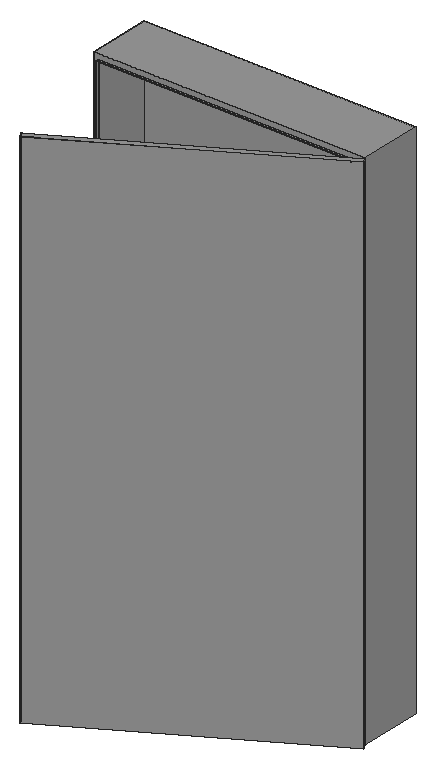
Revit family "Hager-Univers-IP44-D205-H1550-Cl.I-Encl-NoHosted-SE-en", category Equipement électrique, Revit 2020
Family settings
  Configuration du panneau = Deux colonnes, circuits au sein
  Cote de connecteur circulaire = Utiliser le diamètre
  Type d'élément = Tableau de raccordement
  Basée sur le plan de construction = Oui
  Toujours verticalement = Oui
  Couper avec des vides une fois chargée = Non
  Partagée = Non
  Point de calcul de pièce = Non
Parameters (values of type "Surface mounted (plaster) IP44 W800 H1550 D205  - FP03TN2")
  Width Control [instance] = if([EF000008 - Width] > Min Width, [EF000008 - Width], Min Width)  # 800 mm
  Commentaires du type = [HG000003 - Range]  # "Univers"
  Thickness Door [instance] = if([EF009171 - Material plate thickness door/cover] > 3 mm, 3 mm, [EF009171 - Material plate thickness door/cover])  # 1 mm
  Seal Frame Offset [instance] = 17 mm  # constant formula
  Plinth Visibility [instance] = [HG000027 - Plinth height] > 0 mm  # no
  Min Width [instance] = 100 mm  # constant formula
  Min Depth [instance] = (2 * [EF009170 - Material plate thickness cabinet]) + 1 mm  # 3 mm
  Min Height [instance] = 100 mm  # constant formula
  Internal Frame Depth [instance] = (Door System Depth * 0.5)  # 9 mm
  Panel Name [instance] = ""  # (empty or 0)
  Model = ""
  HG000027 - Plinth height = 0 mm
  HG000026 - Floor standing = no
  HG000024 - Bottom section height = 600 mm
  HG000023 - Double section enclosure = no
  HG000016 - Door 3d visibility [instance] = yes
  HG000015 - Clearance visibility [instance] = no
  HG000014 - Door on the right [instance] = yes
  HG000013 - Door on the left [instance] = not([HG000014 - Door on the right])  # no
  HG000012 - Door swing angle [instance] = 30.00°
  HG000010 - Asymmetric doors = no
  HG000009 - Double swing door = no
  HG000006 - Flush mounted = no
  HG000004 - Manufacturer reference = "FP03TN2"
  HG000003 - Range = "Univers"
  HG000002 - With door or cover = yes
  Frame Offset Bottom [instance] = 10 mm  # constant formula
  Frame Offset [instance] = 15 mm  # constant formula
  EF015940 - Cover with overpressure release = no
  EF011959 - Degree of protection (NEMA) = ""
  EF009554 - Number of openings for flange plates = 6
  EF009212 - Cover model = "EV000116 - Closed"
  EF009171 - Material plate thickness door/cover = 1 mm
  EF009170 - Material plate thickness cabinet = 1 mm
  EF008873 - Nominal current (In) = 250 A
  EF007800 - Suitable for lightning protection = no
  EF006306 - With lock = no
  EF006244 - Transparent cover/door = no
  EF005474 - Degree of protection (IP) = "EV006418 - IP44"
  EF004464 - Type of door = "EV002646 - Single"
  EF004427 - Number of modules = 360
  EF004293 - Impact strength = "EV006815 - IK09"
  EF003532 - Suitable for outdoor use = no
  EF002950 - Width in number of modular spacings = 36
  EF001613 - Circuit integrity = "EV000494 - None"
  EF001596 - Material housing = "EV000179 - Steel"
  EF001131 - Internal depth = 205 mm
  EF001088 - Extension possible = yes
  EF000437 - Number of conduit inlets = 6
  EF000339 - Type of cover = "EV001012 - Cover"
  EF000266 - Number of rows = 10
  EF000218 - Built-in depth = 205 mm
  EF000118 - With mounting plate = no
  EF000116 - RAL-number = "9010"
  EF000049 - Depth = 205 mm
  EF000040 - Height = 1550 mm
  EF000008 - Width = 800 mm
  EF000007 - Colour = "EV000202 - White"
  EF000003 - Mounting method = "EV000384 - Surface mounted (plaster)"
  Door System Leaf Tolerance [instance] = 1.5 mm  # constant formula
  Door System Depth [instance] = 18 mm  # constant formula
  Door Height [instance] = Height Control - [HG000027 - Plinth height]  # 1550 mm
  Description = ""
  Default Elevation = 1219.2 mm
  Connector Offset [instance] = Height Control / 2  # 775 mm
  Fabricant = "Hager"  # constant formula
  Height Control [instance] = if([EF000040 - Height] > Min Height, [EF000040 - Height], Min Height)  # 1550 mm
  Depth Control [instance] = if([EF000049 - Depth] > Min Depth, [EF000049 - Depth], Min Depth)  # 205 mm
  Bottom Top Plate Trim [instance] = 1.5 mm  # constant formula
  Plinth height Ctrl [instance] = if([HG000027 - Plinth height] > 0 mm, [HG000027 - Plinth height], 12 mm)  # 12 mm
Types (5, lengths in mm): name | Width Control | HG000010 - Asymmetric doors | HG000009 - Double swing door | HG000004 - Manufacturer reference | EF009554 - Number of openings for flange plates | EF008873 - Nominal current (In) | EF004464 - Type of door | EF004427 - Number of modules | EF002950 - Width in number of modular spacings | EF000437 - Number of conduit inlets | EF000008 - Width
  Surface mounted (plaster) IP44 W1050 H1550 D205  - FP04TN2 | 1050 | no | yes | "FP04TN2" | 8 | 400 A | "EV003602 - Double" | 480 | 48 | 8 | 1050
  Surface mounted (plaster) IP44 W1300 H1550 D205  - FP05TN2 | 1300 | yes | yes | "FP05TN2" | 10 | 400 A | "EV003602 - Double" | 600 | 60 | 10 | 1300
  Surface mounted (plaster) IP44 W300 H1550 D205  - FP01TN2 | 300 | no | no | "FP01TN2" | 2 | 250 A | "EV002646 - Single" | 120 | 12 | 2 | 300
  Surface mounted (plaster) IP44 W550 H1550 D205  - FP02TN2 | 550 | no | no | "FP02TN2" | 4 | 250 A | "EV002646 - Single" | 240 | 24 | 4 | 550
  Surface mounted (plaster) IP44 W800 H1550 D205  - FP03TN2 | 800 | no | no | "FP03TN2" | 6 | 250 A | "EV002646 - Single" | 360 | 36 | 6 | 800
Reference planes
  plane 1 "Center (Front/Back)": y = 0
  plane 2: z = 0
  plane 3 "Center (Left/Right)": x = 0
  plane 4: y = 0
  plane 5: y = 0
  plane 6: z = 0
  plane 7: x = -400
  plane 8: x = 400
  plane 9: x = 399
  plane 10: x = -399
  plane 11: z = 0
  plane 12: z = 1
  plane 13: y = -205
  plane 14: y = -1
  plane 15: x = 0
  plane 16: y = -187
  plane 17: y = -204
  plane 18: y = -186
  plane 19: x = -384
  plane 20: x = 384
  plane 21: z = 11
  plane 22: x = -383
  plane 23: x = 383
  plane 24: z = 0
  plane 25: z = 1550
  plane 26: z = 1550
  plane 27: z = 1534
  plane 28: z = 1549
Forms (mm)
  Extrusion 1, solid, material "Hager_Steel_RAL7035_Light_Grey", detail levels medium+fine
    sketch origin (-208.679, -4572, 0) x (-1, 0, 0) y (0, -1, 0)
      loop
        line (191.321, -4385) -> (-608.679, -4385) -> (-608.679, -4572) -> (191.321, -4572) -> (191.321, -4385)
    from 0 to 1550
  Extrusion 2, void
    sketch origin (-350.771, -205, 1219.2) x (1, 0, 0) y (0, 0, 1)
      loop
        line (-48.229, 329.8) -> (-48.229, -1218.2) -> (749.771, -1218.2) -> (749.771, 329.8) -> (-48.229, 329.8)
    from -19 to -204
  Extrusion 3, void
    sketch origin (-290.084, -187, 1219.2) x (1, 0, 0) y (0, 0, 1)
      loop
        line (-93.916, -1208.2) -> (674.084, -1208.2) -> (674.084, 314.8) -> (-93.916, 314.8) -> (-93.916, -1208.2)
    from 0 to -1
  Extrusion 4, solid, material "Hager_Steel_RAL7035_Light_Grey", visible <- "Plinth Visibility", detail levels medium+fine
    sketch origin (0, 0, 0) x (1, 0, 0) y (0, 1, 0)
      loop
        line (-400, 0) -> (-400, -187) -> (400, -187) -> (400, 0) -> (-400, 0)
    from 0 to 12 <- "Plinth height Ctrl"
  Extrusion 5, solid, material "Hager_Steel_RAL7035_Light_Grey", detail levels coarse
    sketch origin (0, 0, 0) x (1, 0, 0) y (0, 1, 0)
      loop
        line (-400, 0) -> (-400, -205) -> (400, -205) -> (400, 0) -> (-400, 0)
    from 0 to 1550 <- "Height Control"
  Sweep 6, void
    path in 3D
      loop
        line (-400, -187, 12) -> (400, -187, 12) -> (400, 0, 12) -> (-400, 0, 12) -> (-400, -187, 12)
    profile origin (-400, -93.5, 12) x (1, 0, 0) y (0, 0, 1)
      loop
        line (0, 0) -> (0, -1.5) -> (1.5, -1.5)
        arc (1.5, -1.5) -> (1.061, -0.439) -> (0, 0) r 1.5
  Extrusion 7, solid, material "Hager_Steel_RAL7035_Light_Grey", detail levels fine
    sketch origin (-400, -187, 0) x (1, 0, 0) y (0, 0, 1)
      loop
        line (16, 11) -> (784, 11) -> (784, 1534) -> (16, 1534) -> (16, 11)
      loop
        line (15, 10) -> (785, 10) -> (785, 1535) -> (15, 1535) -> (15, 10)
    from 0 to 9 <- "Internal Frame Depth"
Cuts and joins
  Extrusion 2, Extrusion 3 cuts Extrusion 1
  Sweep 6 cuts Extrusion 4
Lines and regions (mm)
  Masking region 1
    outline origin (0, 0, 0) x (1, 0, 0) y (0, 1, 0)
      loop
        line (-400, 0) -> (-400, -205) -> (400, -205) -> (400, 0) -> (-400, 0)
  Masking region 2, detail levels coarse
    outline origin (-290.084, -187, 1219.2) x (-1, 0, 0) y (0, 0, 1)
      loop
        line (-690.084, -1219.2) -> (109.916, -1219.2) -> (109.916, 330.8) -> (-690.084, 330.8) -> (-690.084, -1219.2)
  Masking region 3, detail levels coarse
    outline origin (0, 0, 0) x (0, 1, 0) y (0, 0, 1)
      loop
        line (0, 0) -> (0, 1550) -> (-205, 1550) -> (-205, 0) -> (0, 0)
  Masking region 4, visible <- "Plinth Visibility", detail levels medium+fine
    outline origin (0, 0, 0) x (0, 1, 0) y (0, 0, 1)
      loop
        line (-1.5, 12) -> (-185.5, 12)
        arc (-185.5, 12) -> (-185.939, 10.939) -> (-187, 10.5) r 1.5
        line (-187, 10.5) -> (-187, 0) -> (0, 0) -> (0, 10.5)
        arc (0, 10.5) -> (-1.061, 10.939) -> (-1.5, 12) r 1.5
  Masking region 5, detail levels medium+fine
    outline origin (0, 0, 594.038) x (0, 1, 0) y (0, 0, 1)
      loop
        line (0, -594.038) -> (0, 955.962) -> (-187, 955.962) -> (-187, -594.038) -> (0, -594.038)
  Masking region 6, detail levels medium+fine
    outline origin (-359.7, -187, 1211.883) x (-1, 0, 0) y (0, 0, 1)
      loop
        line (-759.7, -1211.883) -> (40.3, -1211.883) -> (40.3, 338.117) -> (-759.7, 338.117) -> (-759.7, -1211.883)
  Masking region 7, visible <- "Plinth Visibility", detail levels medium+fine
    outline origin (-320.334, -187, 1041.368) x (-1, 0, 0) y (0, 0, 1)
      loop
        line (-720.334, -1041.368) -> (79.666, -1041.368) -> (79.666, -1030.868)
        arc (79.666, -1030.868) -> (78.606, -1030.429) -> (78.166, -1029.368) r 1.5
        line (78.166, -1029.368) -> (-718.834, -1029.368)
        arc (-718.834, -1029.368) -> (-719.273, -1030.429) -> (-720.334, -1030.868) r 1.5
        line (-720.334, -1030.868) -> (-720.334, -1041.368)
  sketch lines
    curve 1: line (-400, 0, 12) -> (-400, -187, 12)
    curve 2: line (-400, -187, 12) -> (400, -187, 12)
    curve 3: line (400, 0, 12) -> (-400, 0, 12)
    curve 4: line (400, -187, 12) -> (400, 0, 12)
Dimensions and locks
  locked: plane 1 "Center (Front/Back)" to plane 5
  "EF009170 - Material plate thickness cabinet": plane 7 to plane 10
  "EF009170 - Material plate thickness cabinet": plane 8 to plane 9
  equal spacing: plane 7, plane 3 "Center (Left/Right)", plane 8
  "Width Control": plane 7 to plane 8
  "Depth Control": plane 4 to plane 13
  "EF009170 - Material plate thickness cabinet": plane 4 to plane 14
  "Height Control": plane 25 to level
  "HG000027 - Plinth height": plane 11 to level
  "EF009170 - Material plate thickness cabinet": plane 12 to plane 11
  "EF009170 - Material plate thickness cabinet": plane 17 to plane 13
  "EF009170 - Material plate thickness cabinet": plane 18 to plane 16
  "Frame Offset Bottom": plane 21 to plane 12
  "Frame Offset": plane 10 to plane 19
  "Frame Offset": plane 9 to plane 20
  "Door System Depth": plane 16 to plane 13
  "Seal Frame Offset": plane 7 to plane 22
  "Seal Frame Offset": plane 8 to plane 23
  "EF009170 - Material plate thickness cabinet": plane 26 to plane 28
  "Frame Offset": plane 28 to plane 27
  "Connector Offset": plane 2 to connector elem
  "Bottom Top Plate Trim": profile plane to Sweep 6 sketch curve
  "Bottom Top Plate Trim": Sweep 6 sketch curve to Sweep 6 sketch curve
  "Plinth height Ctrl": Masking region 4 sketch curve to level
  "Plinth height Ctrl": Masking region 7 sketch curve to level
  "Thickness Door": Extrusion 7 sketch curve to Extrusion 7 sketch curve  (x4)
  "Bottom Top Plate Trim": radius of Sweep 6 sketch curve
  "Bottom Top Plate Trim": radius of Masking region 4 sketch curve  (x2)
  "Bottom Top Plate Trim": radius of Masking region 7 sketch curve  (x2)
  aligned and locked: Extrusion 2 sketch curve to plane 12
  aligned and locked: Extrusion 2 sketch curve to plane 9
  aligned and locked: Extrusion 2 sketch curve to plane 10
  aligned and locked: Extrusion 2 to plane 14
  aligned and locked: Extrusion 1 sketch curve to plane 4
  aligned and locked: plane 8 to Extrusion 1 sketch curve
  aligned and locked: plane 7 to Extrusion 1 sketch curve
  aligned and locked: Extrusion 2 to plane 18
  aligned and locked: Extrusion 3 sketch curve to plane 19
  aligned and locked: plane 20 to Extrusion 3 sketch curve
  aligned and locked: Extrusion 3 to Extrusion 2
  aligned and locked: Extrusion 3 sketch curve to plane 21
  aligned and locked: plane 3 "Center (Left/Right)" to nested 1
  aligned and locked: Extrusion 1 sketch curve to plane 16
  aligned and locked: Extrusion 4 sketch curve to cut or joined group of Extrusion 1, Extrusion 2, Extrusion 3
  aligned and locked: Masking region 1 sketch curve to plane 7
  aligned and locked: Masking region 1 sketch curve to plane 5
  aligned and locked: Masking region 1 sketch curve to plane 8
  aligned and locked: Masking region 2 sketch curve to level
  aligned and locked: level to Masking region 3 sketch curve
  aligned and locked: plane 1 "Center (Front/Back)" to Masking region 3 sketch curve
  aligned and locked: plane 13 to Masking region 3 sketch curve
  aligned and locked: plane 5 to Masking region 4 sketch curve
  aligned and locked: Masking region 2 sketch curve to plane 8
  aligned and locked: Masking region 2 sketch curve to plane 7
  aligned and locked: plane 7 to nested 2
  aligned and locked: nested 2 to plane 5
  aligned and locked: plane 5 to Masking region 5 sketch curve
  aligned and locked: plane 26 to Masking region 5 sketch curve
  aligned and locked: Extrusion 5 sketch curve to plane 8
  aligned and locked: Extrusion 5 sketch curve to plane 7
  aligned and locked: Extrusion 5 sketch curve to plane 5
  aligned and locked: Extrusion 3 sketch curve to plane 27
  aligned and locked: Extrusion 2 sketch curve to plane 28
  aligned and locked: Masking region 2 to plane 25
  aligned and locked: Extrusion 4 to plane 16
  aligned and locked: profile plane to Sweep 6 sketch curve
  aligned and locked: Masking region 5 sketch curve to plane 24
  aligned and locked: level to Masking region 4 sketch curve
  aligned and locked: Masking region 1 to plane 13
  aligned and locked: nested 1 to plane 16
  aligned and locked: Masking region 3 to plane 25
  aligned and locked: plane 16 to Masking region 4 sketch curve
  aligned and locked: Masking region 5 sketch curve to plane 16
  aligned and locked: plane 24 to plane 11
  aligned and locked: plane 26 to plane 25
  aligned and locked: plane 26 to cut or joined group of Extrusion 1, Extrusion 2, Extrusion 3
  aligned and locked: nested 1 to plane 24
  aligned and locked: Extrusion 1 to Extrusion 3
  aligned and locked: Masking region 6 sketch curve to plane 8
  aligned and locked: Masking region 6 sketch curve to plane 24
  aligned and locked: Masking region 6 sketch curve to plane 7
  aligned and locked: Masking region 6 sketch curve to plane 26
  aligned and locked: Masking region 7 sketch curve to plane 7
  aligned and locked: level to Masking region 7 sketch curve
  aligned and locked: Masking region 7 sketch curve to plane 8
  aligned and locked: Extrusion 7 sketch curve to cut or joined group of Extrusion 1, Extrusion 2, Extrusion 3  (x4)
Automatic sketch dimensions
  plane 19 to Extrusion 3 sketch curve = 0 mm
  Extrusion 3 sketch curve to plane 20 = 0 mm
  Extrusion 3 sketch curve to plane 21 = 0 mm
  Extrusion 4 sketch curve to plane 7 = 0 mm
  Extrusion 4 sketch curve to plane 8 = 0 mm
  Extrusion 4 sketch curve to plane 16 = 0 mm
  Masking region 1 sketch curve to plane 13 = 0 mm
  Masking region 2 sketch curve to plane 25 = 0 mm
  Masking region 3 sketch curve to plane 25 = 0 mm
  Extrusion 5 sketch curve to plane 13 = 0 mm
  profile plane to Sweep 6 sketch curve = 0 mm
Nested families
  nested 1: "EC000058_Univers_Door" at (0, -187, 0), Double <- "HG000009 - Double swing door", Transparent <- "EF006244 - Transparent cover/door", Angle <- "HG000012 - Door swing angle", Door_Right <- "HG000014 - Door on the right", Assymetrical <- "HG000010 - Asymmetric doors", Door <- "HG000002 - With door or cover", Width_Ctrl <- "Width Control", 3d_Door <- "HG000016 - Door 3d visibility", Clearance <- "HG000015 - Clearance visibility", Door_Left <- "HG000013 - Door on the left", Width <- "Width Control", Door_Depth <- "Door System Depth", Leaf_Tolerance <- "Door System Leaf Tolerance", Height <- "Door Height", Lock_Visibility <- "EF006306 - With lock", Thickness <- "Thickness Door", type "EC000058_Univers_Door", detail levels medium+fine
    with min_wh 3 mm, Width_Ctrl 800 mm, Width 800 mm, Transparent no, Thickness 1 mm, Seal_Material Hager_Rubber, Lock_Visibility no, Lock_Material Hager_Plastic_RAL9005_Jet_Black, Leaf_Width 800 mm, Leaf_Tolerance_External_Sides 0 mm, Leaf_Tolerance 1.5 mm, Leaf_Offset 0 mm, Leaf_Height 1547 mm, Leaf_2_Width 800 mm, Leaf_2_Offset 400 mm, Leaf_1_Width 800 mm, Leaf_1_Offset 400 mm, Height_Ctrl 1550 mm, Height 1550 mm, Glass_Material Hager_Glass, Double_Clearance_Ctrl no, Double no, Door_Right_Ctrl yes, Door_Right yes, Door_Material Hager_Steel_RAL7035_Light_Grey, Door_Left_Ctrl no, Door_Left no, Door_Depth 18 mm, Door yes, Clearance_Material Hager_Clearance, Clearance_Depth 800 mm, Clearance_Ctrl no, Clearance no, Assymetrical no, Angle 30.00°, 3d_Door yes
  nested 2: "Hager_Enclosure_Symbol" at (-400, 0, 0), Height <- "Depth Control", Width <- "Width Control", type "Hager_Enclosure_Symbol"
    with Width_Ctrl 800 mm, Width 800 mm, Height_Ctrl 205 mm, Height 205 mm, A_Width_Int 13.453 mm, A_Width 161.438 mm, A_Height_Ctrl 179.375 mm, A_Height 179.375 mm
Connectors
  electrical at (0, 0, 775)
    settings: on plane 1 "Center (Front/Back)", index 1, voltage 0 V, apparent load 0 VA, apparent load phase1 0 VA, apparent load phase2 0 VA, apparent load phase3 0 VA, power factor 1, load classification "Other", number of poles 1, system type 30, power factor state 1, is connector primary yes, connector utility no, sub classification motor no, connector description ""
Definition of nested family "EC000058_Univers_Door"
  Parameters (values of type "EC000058_Univers_Door")
    min_wh [instance] = (2 * Thickness) + 1 mm  # 11 mm
    Width_Ctrl [instance] = 400 mm
    Width [instance] = 500 mm
    Transparent [instance] = yes
    Thickness [instance] = 5 mm
    Seal_Material [instance] = none
    Lock_Visibility [instance] = yes
    Lock_Material [instance] = none
    Leaf_Width [instance] = if((Width_Ctrl - 2 * Leaf_Tolerance_External_Sides) > 0 mm, (Width_Ctrl - 2 * Leaf_Tolerance_External_Sides), min_wh)  # 400 mm
    Leaf_Tolerance_External_Sides [instance] = 0 mm  # constant formula
    Leaf_Tolerance [instance] = 1.5 mm
    Leaf_Offset [instance] = 0 mm  # constant formula
    Leaf_Height [instance] = if((Height_Ctrl - 2 * Leaf_Tolerance) > 0 mm, (Height_Ctrl - 2 * Leaf_Tolerance), min_wh)  # 497 mm
    Leaf_2_Width [instance] = if(and(and(Double, Assymetrical), Door_Left), (Leaf_Width / 3) - (Leaf_Tolerance / 2), if(and(and(Double, Assymetrical), Door_Right), (Leaf_Width / 3) * 2 - (Leaf_Tolerance / 2), if(and(Double, not(Assymetrical)), (Leaf_Width / 2) - Leaf_Tolerance, Leaf_Width)))  # 400 mm
    Leaf_2_Offset [instance] = if(and(Double, Assymetrical), Leaf_2_Width / 2, if(and(Double, not(Assymetrical)), Leaf_Width / 4, Leaf_Width / 2))  # 200 mm
    Leaf_1_Width [instance] = if(and(and(Double, Assymetrical), Door_Right), (Leaf_Width / 3) - (Leaf_Tolerance / 2), if(and(and(Double, Assymetrical), Door_Left), (Width / 3) * 2 - (Leaf_Tolerance / 2), if(and(Double, not(Assymetrical)), (Leaf_Width / 2) - Leaf_Tolerance, Leaf_Width)))  # 400 mm
    Leaf_1_Offset [instance] = if(and(Double, Assymetrical), Leaf_1_Width / 2, if(and(Double, not(Assymetrical)), Leaf_Width / 4, Leaf_Width / 2))  # 200 mm
    Height_Ctrl [instance] = if(Height > min_wh, Height, min_wh)  # 500 mm
    Height [instance] = 500 mm
    Glass_Material [instance] = none
    Double_Clearance_Ctrl [instance] = and(Double, Clearance)  # no
    Double [instance] = no
    Door_Right_Ctrl [instance] = and(or(Door_Right, Double), Door)  # yes
    Door_Right [instance] = yes
    Door_Material [instance] = none
    Door_Left_Ctrl [instance] = and(or(Door_Left, Double), Door)  # no
    Door_Left [instance] = no
    Door_Depth [instance] = 30 mm
    Door [instance] = yes
    Default Elevation = 1219.2 mm
    Clearance_Material [instance] = none
    Clearance_Depth [instance] = if(Leaf_1_Width > Leaf_2_Width, Leaf_1_Width, Leaf_2_Width)  # 400 mm
    Clearance_Ctrl [instance] = and(not(Double), Clearance)  # yes
    Clearance [instance] = yes
    Assymetrical [instance] = yes
    Angle [instance] = 30.00°
    3d_Door [instance] = yes
  Reference planes
    plane 1 "Center (Front/Back)": y = 0
    plane 2 "Bottom": z = 0
    plane 3 "Center (Left/Right)": x = 0
    plane 4: z = 500
    plane 5: x = -200
    plane 6: x = 200
    plane 7: z = 500
    plane 8: x = -200
    plane 9: z = 0
    plane 10: x = 200
    plane 11: y = 0
    plane 12: z = 1.5
    plane 13: x = -600
    plane 14: y = -400
    plane 15: x = 600
    plane 16: x = 0
    plane 17: x = 0
    plane 18: x = -200
    plane 19: x = 200
    plane 20: z = 498.5
  Forms (mm)
    Extrusion 1, solid, material <- "Clearance_Material", visible <- "Double_Clearance_Ctrl"
      sketch origin (1200, 0, 0) x (1, 0, 0) y (0, 0, -1)
        loop
          line (-1800, -498.5) -> (-600, -498.5) -> (-600, 0) -> (-1800, 0) -> (-1800, -498.5)
      from 0 to -400
  Dimensions and locks
    equal spacing: plane 5, plane 3 "Center (Left/Right)", plane 6
    "Width_Ctrl": plane 5 to plane 6
    "Leaf_Offset": plane 5 to plane 8
    "Leaf_Offset": plane 6 to plane 10
    "Leaf_Offset": plane 9 to level
    "Leaf_Offset": plane 4 to plane 7
    "Height_Ctrl": plane 4 to level
    "Leaf_Tolerance": plane 12 to plane 9
    locked: plane 11 to plane 1 "Center (Front/Back)"
    "Leaf_1_Offset": plane 18 to plane 16
    "Leaf_2_Offset": plane 17 to plane 19
    "Leaf_1_Width": plane 13 to plane 8
    "Leaf_2_Width": plane 10 to plane 15
    "Clearance_Depth": plane 14 to plane 1 "Center (Front/Back)"
    "Leaf_Tolerance_External_Sides": plane 8 to plane 18
    "Leaf_Tolerance_External_Sides": plane 19 to plane 10
    "Leaf_Tolerance": plane 7 to plane 20
    aligned and locked: level to plane 2 "Bottom"
    aligned and locked: nested 1 to plane 16
    aligned and locked: nested 2 to plane 17
    aligned and locked: Extrusion 1 to plane 13
    aligned and locked: plane 15 to Extrusion 1
    aligned and locked: Extrusion 1 to plane 14
    aligned and locked: plane 12 to nested 1
    aligned and locked: nested 2 to plane 12
    aligned and locked: Extrusion 1 to plane 11
    aligned and locked: plane 20 to Extrusion 1
    aligned and locked: nested 2 to plane 11
    aligned and locked: nested 1 to plane 11
  Automatic sketch dimensions
    Extrusion 1 sketch curve to level = 0 mm
    plane 5 to Extrusion 1 sketch curve = 400 mm
    plane 6 to Extrusion 1 sketch curve = 400 mm
    Extrusion 1 sketch curve to plane 4 = 1.5 mm
  Nested families
    nested 1: "EC000058_Univers_Door_Leaf" at (0, 0, 1.5), Width <- "Leaf_1_Width", visible <- "Door_Left_Ctrl", Leaf_Height <- "Leaf_Height", Angle <- "Angle", 3d_Door <- "3d_Door", Transparent <- "Transparent", Clearance Material <- "Clearance_Material", Clearance <- "Clearance_Ctrl", Door_Material <- "Door_Material", Glass_Material <- "Glass_Material", Door_Depth <- "Door_Depth", Lock_Material <- "Lock_Material", Seal_Material <- "Seal_Material", Lock_Visibility <- "Lock_Visibility", Thickness <- "Thickness", type "EC000058_Univers_Door_Leaf"
      with Width 400 mm, Transparent_Glass_Offset 30 mm, Transparent_Ctrl yes, Transparent yes, Thickness 5 mm, Standard no, Seal_Material none, Seal_D2 8 mm, Seal_D1 1 mm, Offset_Internal_Frame 10 mm, Lock_Width 20 mm, Lock_Visibility_3d yes, Lock_Visibility yes, Lock_Thickness_3 3 mm, Lock_Thickness_2 1 mm, Lock_Thickness_1 3 mm, Lock_Radius_Offset_2 16 mm, Lock_Radius_Offset_1 15 mm, Lock_Radius_2 5 mm, Lock_Radius 6 mm, Lock_Offset 5 mm, Lock_Material none, Lock_Height 80 mm, Lock_Cover_Top_Offset_2d 17 mm, Lock_Cover_Height -65 mm, Leaf_Height 497 mm, Internal_Seal_Thickness 8 mm, Internal_Seal_Depth_2 4.5 mm, Internal_Frame_Depth 25 mm, Glass_Thickness -1 mm, Glass_Offset -2 mm, Glass_Material none, Door_Material none, Door_Depth 30 mm, Clearance Material none, Clearance yes, Angle_Ctrl 30.00°, Angle 30.00°, 3d_Door yes
    nested 2: "EC000058_Univers_Door_Leaf" at (0, 0, 1.5) x (-1, 0, 0) z (0, 0, 1), Width <- "Leaf_2_Width", visible <- "Door_Right_Ctrl", Leaf_Height <- "Leaf_Height", Angle <- "Angle", 3d_Door <- "3d_Door", Transparent <- "Transparent", Clearance Material <- "Clearance_Material", Clearance <- "Clearance_Ctrl", Door_Material <- "Door_Material", Glass_Material <- "Glass_Material", Door_Depth <- "Door_Depth", Lock_Material <- "Lock_Material", Seal_Material <- "Seal_Material", Lock_Visibility <- "Lock_Visibility", Thickness <- "Thickness", type "EC000058_Univers_Door_Leaf"
      with Width 400 mm, Transparent_Glass_Offset 30 mm, Transparent_Ctrl yes, Transparent yes, Thickness 5 mm, Standard no, Seal_Material none, Seal_D2 8 mm, Seal_D1 1 mm, Offset_Internal_Frame 10 mm, Lock_Width 20 mm, Lock_Visibility_3d yes, Lock_Visibility yes, Lock_Thickness_3 3 mm, Lock_Thickness_2 1 mm, Lock_Thickness_1 3 mm, Lock_Radius_Offset_2 16 mm, Lock_Radius_Offset_1 15 mm, Lock_Radius_2 5 mm, Lock_Radius 6 mm, Lock_Offset 5 mm, Lock_Material none, Lock_Height 80 mm, Lock_Cover_Top_Offset_2d 17 mm, Lock_Cover_Height -65 mm, Leaf_Height 497 mm, Internal_Seal_Thickness 8 mm, Internal_Seal_Depth_2 4.5 mm, Internal_Frame_Depth 25 mm, Glass_Thickness -1 mm, Glass_Offset -2 mm, Glass_Material none, Door_Material none, Door_Depth 30 mm, Clearance Material none, Clearance yes, Angle_Ctrl 30.00°, Angle 30.00°, 3d_Door yes
  Definition of nested family "EC000058_Univers_Door_Leaf"
    Parameters (values of type "EC000058_Univers_Door_Leaf")
      Width [instance] = 2000 mm
      Transparent_Glass_Offset [instance] = 30 mm
      Transparent_Ctrl [instance] = and(Transparent, [3d_Door])  # yes
      Transparent [instance] = yes
      Thickness [instance] = 5 mm
      Standard [instance] = and(not(Transparent), [3d_Door])  # no
      Seal_Material [instance] = none
      Seal_D2 [instance] = 8 mm  # constant formula
      Seal_D1 [instance] = 1 mm  # constant formula
      Offset_Internal_Frame [instance] = 10 mm  # constant formula
      Lock_Width [instance] = 20 mm  # constant formula
      Lock_Visibility_3d [instance] = and(Lock_Visibility, [3d_Door])  # yes
      Lock_Visibility [instance] = yes
      Lock_Thickness_3 [instance] = 3 mm  # constant formula
      Lock_Thickness_2 [instance] = 1 mm  # constant formula
      Lock_Thickness_1 [instance] = 3 mm  # constant formula
      Lock_Radius_Offset_2 [instance] = Lock_Radius_Offset_1 + 1 mm  # 16 mm
      Lock_Radius_Offset_1 [instance] = 15 mm  # constant formula
      Lock_Radius_2 [instance] = Lock_Radius - 1 mm  # 5 mm
      Lock_Radius [instance] = 6 mm  # constant formula
      Lock_Offset [instance] = 5 mm  # constant formula
      Lock_Material [instance] = none
      Lock_Height [instance] = 80 mm  # constant formula
      Lock_Cover_Top_Offset_2d [instance] = Lock_Radius_Offset_2 + 1 mm  # 17 mm
      Lock_Cover_Height [instance] = -(Lock_Height - Lock_Radius_Offset_1)  # -65 mm
      Leaf_Height [instance] = 2720.336 mm
      Internal_Seal_Thickness [instance] = 8 mm  # constant formula
      Internal_Seal_Depth_2 [instance] = 4.5 mm  # constant formula
      Internal_Frame_Depth [instance] = if(Door_Depth - Thickness > 5 mm, Door_Depth - Thickness, 5 mm)  # 25 mm
      Glass_Thickness [instance] = if(Thickness > 15 mm, Glass_Offset + 10 mm, -1 mm)  # -1 mm
      Glass_Offset [instance] = if(Thickness > 15 mm, -(Thickness + 10 mm) / 2, -2 mm)  # -2 mm
      Glass_Material [instance] = none
      Door_Material [instance] = none
      Door_Depth [instance] = 30 mm
      Default Elevation = 0 mm
      Clearance Material [instance] = none
      Clearance [instance] = yes
      Angle_Ctrl [instance] = if(Angle > 180.00°, 180.00°, Angle)  # 90.00°
      Angle [instance] = 90.00°
      3d_Door [instance] = yes
    Reference planes
      plane 1 "Center (Front/Back)": y = 0
      plane 2: z = 0
      plane 3 "Center (Left/Right)": x = 0
      plane 4: y = 2000
      plane 5: x = -1000
      plane 6: x = 1000
      plane 7: x = -3000
      plane 8: z = 2720.336
      plane 9: z = 30
      plane 10: z = 2690.336
      plane 11: x = 970
      plane 12: x = -970
      plane 13: y = -3
      plane 14: z = 107.833
      plane 15: y = -5
      plane 16: y = -223.314
      plane 17: x = -1000
      plane 18: z = 1360.168
      plane 19: y = 30
    Forms (mm)
      Extrusion 1, solid, material <- "Clearance Material", visible <- "Clearance"
        sketch origin (0, 0, 0) x (1, 0, 0) y (0, 0, 1)
          loop
            line (-3000, 2720.336) -> (-3000, 0) -> (1000, 0) -> (1000, 2720.336) -> (-3000, 2720.336)
        from 0 to -2000
      Extrusion 2, solid, material <- "Door_Material", visible <- "Standard", detail levels medium+fine
        sketch origin (-1000, 0, 0) x (0, 1, 0) y (-1, 0, 0)
          loop
            line (0, 30) -> (0, 25) -> (2000, 25) -> (2000, 30) -> (0, 30)
        from 0 to 2720.336 <- "Leaf_Height"
      Extrusion 3, solid, material <- "Door_Material", visible <- "Transparent_Ctrl", detail levels medium+fine
        sketch origin (-1000, 0, 0) x (0, 1, 0) y (-1, 0, 0)
          loop
            line (0, 25) -> (2000, 25) -> (2000, 30) -> (0, 30) -> (0, 25)
        from 0 to 2720.336 <- "Leaf_Height"
      Extrusion 4, void
        sketch origin (-1025, 2000, 0) x (0, 1, 0) y (0, 0, -1)
          loop
            line (-30, -2690.336) -> (-30, -30) -> (-1970, -30) -> (-1970, -2690.336) -> (-30, -2690.336)
        from 0 to 5 <- "Thickness"
      Sweep 5, solid, material <- "Seal_Material", visible <- "Transparent_Ctrl", detail levels fine
        path in 3D
          loop
            line (-1025, 30, 30) -> (-1025, 30, 2690.336) -> (-1025, 1970, 2690.336) -> (-1025, 1970, 30) -> (-1025, 30, 30)
        profile origin (-1025, 1000, 30) x (1, 0, 0) y (0, 0, 1)
          loop
            line (0, 0) -> (0, -8) -> (1, -8) -> (1, 0) -> (0, 0)
      Extrusion 6, solid, material <- "Glass_Material", visible <- "Transparent_Ctrl", detail levels medium+fine
        sketch origin (-1030, 0, 0) x (0, 1, 0) y (0, 0, -1)
          loop
            line (1970, -2690.336) -> (1970, -30) -> (30, -30) -> (30, -2690.336) -> (1970, -2690.336)
        from -2 <- "Glass_Offset" to -1 <- "Glass_Thickness"
      Extrusion 7, solid, material <- "Door_Material", visible <- "3d_Door", detail levels medium+fine
        sketch origin (-1025, 2000, 0) x (0, -1, 0) y (0, 0, -1)
          loop
            line (0, -2720.336) -> (2000, -2720.336) -> (2000, 0) -> (0, 0) -> (0, -2720.336)
          loop
            line (1995, -5) -> (5, -5) -> (5, -2715.336) -> (1995, -2715.336) -> (1995, -5)
        from 0 to 25 <- "Internal_Frame_Depth"
      Sweep 8, solid, material <- "Seal_Material", visible <- "Transparent_Ctrl", detail levels fine
        path in 3D
          loop
            line (-1025, 0, 0) -> (-1025, 2000, 0) -> (-1025, 2000, 2720.336) -> (-1025, 0, 2720.336) -> (-1025, 0, 0)
        profile origin (-1025, 0, 1360.168) x (1, 0, 0) y (0, 1, 0)
          loop
            line (0, 10) -> (2.975, 10)
            arc (2.975, 10) -> (4.053, 10.447) -> (4.5, 11.525) r 1.525
            line (4.5, 11.525) -> (4.5, 16.527)
            arc (4.5, 16.527) -> (4.069, 17.569) -> (3.027, 18) r 1.473
            line (3.027, 18) -> (0, 18) -> (0, 10)
      Extrusion 9, solid, material <- "Lock_Material", visible <- "Lock_Visibility_3d", detail levels fine
        sketch origin (-1030, 0, 0) x (0, 1, 0) y (0, 0, -1)
          loop
            arc (1993.5, -1400.168) -> (1994.561, -1399.729) -> (1995, -1398.668) r 1.5
            line (1995, -1398.668) -> (1995, -1320.168) -> (1975, -1320.168) -> (1975, -1398.668)
            arc (1975, -1398.668) -> (1975.439, -1399.729) -> (1976.5, -1400.168) r 1.5
            line (1976.5, -1400.168) -> (1993.5, -1400.168)
        from 3 <- "Lock_Thickness_1" to 0
      Blend 10, solid, material <- "Lock_Material", visible <- "Lock_Visibility_3d", detail levels fine
        base sketch origin (-1033, 0, 0) x (0, 1, 0) y (0, 0, -1)
          loop
            line (1975, -1320.168) -> (1975, -1398.668)
            arc (1975, -1398.668) -> (1975.439, -1399.729) -> (1976.5, -1400.168) r 1.5
            line (1976.5, -1400.168) -> (1993.5, -1400.168)
            arc (1993.5, -1400.168) -> (1994.561, -1399.729) -> (1995, -1398.668) r 1.5
            line (1995, -1398.668) -> (1995, -1320.168) -> (1975, -1320.168)
        top sketch origin (-1033, 0, 0) x (0, 1, 0) y (0, 0, -1)
          loop
            line (1976, -1320.168) -> (1976, -1398.668)
            arc (1976, -1398.668) -> (1976.146, -1399.022) -> (1976.5, -1399.168) r 0.5
            line (1976.5, -1399.168) -> (1993.5, -1399.168)
            arc (1993.5, -1399.168) -> (1993.854, -1399.022) -> (1994, -1398.668) r 0.5
            line (1994, -1398.668) -> (1994, -1320.168) -> (1976, -1320.168)
        from 0 to 1 <- "Lock_Thickness_2"
      Blend 11, solid, material <- "Lock_Material", visible <- "Lock_Visibility_3d", detail levels fine
        base sketch origin (-1034, 0, 0) x (0, 1, 0) y (0, 0, -1)
          loop
            line (1978, -1320.168) -> (1978, -1384.168)
            arc (1978, -1384.168) -> (1985, -1391.168) -> (1992, -1384.168) r 7
            line (1992, -1384.168) -> (1992, -1320.168) -> (1978, -1320.168)
        top sketch origin (-1034, 0, 0) x (0, 1, 0) y (0, 0, -1)
          loop
            line (1991, -1320.168) -> (1979, -1320.168) -> (1979, -1383.168)
            arc (1979, -1383.168) -> (1985, -1389.168) -> (1991, -1383.168) r 6
            line (1991, -1383.168) -> (1991, -1320.168)
        from 0 to 3 <- "Lock_Thickness_3"
      Extrusion 12, solid, material <- "Lock_Material", visible <- "Lock_Visibility_3d", detail levels fine
        sketch origin (-1030, 1975, 1320.168) x (1, 0, 0) y (0, -1, 0)
          loop
            line (-7, -19) -> (-7, -1) -> (0, -1) -> (0, 0) -> (-8, 0) -> (-8, -20) -> (0, -20) -> (0, -19) -> (-7, -19)
        from 0 to -65 <- "Lock_Cover_Height"
      Extrusion 13, void
        sketch origin (-1038, 1995, 1320.168) x (-1, 0, 0) y (0, 0, -1)
          loop
            line (-5, -65) -> (0, -65) -> (-5, -60) -> (-5, -65)
        from 0 to 20 <- "Lock_Width"
      Extrusion 14, void
        sketch origin (-1038, 1975, 1320.168) x (0, -1, 0) y (0, 0, -1)
          loop
            circle (-10, -15.995) r 6
          loop
            circle (-10, -15.995) r 5
        from 0 to 2
      Extrusion 15, solid, material <- "Lock_Material", visible <- "Lock_Visibility_3d", detail levels medium
        sketch origin (-1030, 0, 0) x (0, 1, 0) y (0, 0, -1)
          loop
            arc (1993.5, -1400.168) -> (1994.561, -1399.729) -> (1995, -1398.668) r 1.5
            line (1995, -1398.668) -> (1995, -1320.168) -> (1975, -1320.168) -> (1975, -1398.668)
            arc (1975, -1398.668) -> (1975.439, -1399.729) -> (1976.5, -1400.168) r 1.5
            line (1976.5, -1400.168) -> (1993.5, -1400.168)
        from 8 to 0
    Cuts and joins
      Extrusion 4 cuts Extrusion 3
      Extrusion 13, Extrusion 14 cuts Extrusion 9
      Extrusion 14 cuts Blend 11
      Extrusion 13, Extrusion 14 cuts Extrusion 12
      joined: Extrusion 9, Blend 10, Blend 11, Extrusion 12
      Extrusion 14 cuts Extrusion 15
    Lines and regions (mm)
      Masking region 1, visible <- "Lock_Visibility", detail levels fine
        outline origin (0, 0, 0) x (0, 1, 0) y (0, 0, 1)
          loop
            line (30, 1320.168) -> (33, 1320.168) -> (33, 1400.168) -> (30, 1400.168) -> (30, 1320.168)
      Masking region 2, visible <- "Lock_Visibility", detail levels fine
        outline origin (0, 3.143, 0) x (0, 1, 0) y (0, 0, 1)
          loop
            line (29.857, 1354.168) -> (30.857, 1354.168) -> (30.857, 1366.168) -> (29.857, 1366.168) -> (29.857, 1354.168)
      Masking region 3, detail levels medium+fine
        outline origin (0, 0, 0) x (0, 1, 0) y (0, 0, 1)
          loop
            line (0, 0) -> (30, 0) -> (30, 2720.336) -> (0, 2720.336) -> (0, 0)
      Masking region 4, detail levels medium+fine
        outline origin (0, 0, 0) x (1, 0, 0) y (0, 0, 1)
          loop
            line (-1000, 2720.336) -> (-1000, 0) -> (1000, 0) -> (1000, 2720.336) -> (-1000, 2720.336)
      Masking region 5, visible <- "Lock_Visibility", detail levels fine
        outline origin (-47.116, 0, 0) x (1, 0, 0) y (0, 0, 1)
          loop
            arc (1024.616, 1399.168) -> (1023.556, 1398.729) -> (1023.116, 1397.668) r 1.5
            line (1023.116, 1397.668) -> (1023.116, 1320.168) -> (1041.116, 1320.168) -> (1041.116, 1397.668)
            arc (1041.116, 1397.668) -> (1040.677, 1398.729) -> (1039.616, 1399.168) r 1.5
            line (1039.616, 1399.168) -> (1024.616, 1399.168)
      Masking region 6, visible <- "Lock_Visibility", detail levels medium+fine
        outline origin (-25, 0, 0) x (1, 0, 0) y (0, 0, 1)
          loop
            arc (1001.5, 1400.168) -> (1000.439, 1399.729) -> (1000, 1398.668) r 1.5
            line (1000, 1398.668) -> (1000, 1320.168) -> (1020, 1320.168) -> (1020, 1398.668)
            arc (1020, 1398.668) -> (1019.561, 1399.729) -> (1018.5, 1400.168) r 1.5
            line (1018.5, 1400.168) -> (1001.5, 1400.168)
      Masking region 7, visible <- "Lock_Visibility", detail levels fine
        outline origin (-73.735, 0, 0) x (1, 0, 0) y (0, 0, 1)
          loop
            line (1051.735, 1382.168) -> (1065.735, 1382.168) -> (1065.735, 1384.168)
            arc (1065.735, 1384.168) -> (1058.735, 1391.168) -> (1051.735, 1384.168) r 7
            line (1051.735, 1384.168) -> (1051.735, 1382.168)
      Masking region 8, visible <- "Lock_Visibility", detail levels fine
        outline origin (-73.735, 0, 0) x (1, 0, 0) y (0, 0, 1)
          loop
            line (1052.735, 1382.168) -> (1064.735, 1382.168) -> (1064.735, 1383.168)
            arc (1064.735, 1383.168) -> (1058.735, 1389.168) -> (1052.735, 1383.168) r 6
            line (1052.735, 1383.168) -> (1052.735, 1382.168)
      Masking region 9, visible <- "Lock_Visibility", detail levels fine
        outline origin (-25, 0, 0) x (1, 0, 0) y (0, 0, 1)
          loop
            line (1020, 1320.168) -> (1020, 1382.168) -> (1000, 1382.168) -> (1000, 1320.168) -> (1020, 1320.168)
      Masking region 10, detail levels medium+fine
        outline origin (0, 0, 0) x (1, 0, 0) y (0, 0, 1)
          loop
            circle (985, 1335.144) r 6
      Masking region 11, detail levels fine
        outline origin (0, 0, 0) x (1, 0, 0) y (0, 0, 1)
          loop
            circle (985, 1335.144) r 5
      Masking region 12, visible <- "Lock_Visibility", detail levels fine
        outline origin (0, 12.767, 0) x (0, 1, 0) y (0, 0, 1)
          loop
            line (20.233, 1320.168) -> (21.233, 1320.168) -> (21.233, 1399.168) -> (20.233, 1400.168) -> (20.233, 1320.168)
      Masking region 13, visible <- "Lock_Visibility", detail levels fine
        outline origin (0, 13.767, -10) x (0, 1, 0) y (0, 0, 1)
          loop
            line (20.233, 1330.168) -> (23.233, 1330.168) -> (23.233, 1399.168) -> (20.233, 1402.168) -> (20.233, 1330.168)
      Masking region 14, visible <- "Lock_Visibility", detail levels fine
        outline origin (0, 12.767, -10) x (0, 1, 0) y (0, 0, 1)
          loop
            line (20.233, 1330.168) -> (25.233, 1330.168) -> (25.233, 1399.305) -> (20.233, 1394.305) -> (20.233, 1330.168)
      Masking region 15, visible <- "Lock_Visibility", detail levels medium
        outline origin (0, 0, 0) x (0, 1, 0) y (0, 0, 1)
          loop
            line (30, 1320.168) -> (38, 1320.168) -> (38, 1400.168) -> (30, 1400.168) -> (30, 1320.168)
      Masking region 16, visible <- "Lock_Visibility", detail levels fine
        outline origin (-1000, 0, 0) x (0, 1, 0) y (-1, 0, 0)
          loop
            line (1975, 30) -> (1995, 30) -> (1995, 38) -> (1975, 38) -> (1975, 30)
          loop
            line (1979, 37) -> (1976, 37) -> (1976, 34) -> (1978, 34) -> (1979, 37)
          loop
            line (1994, 37) -> (1991, 37) -> (1992, 34) -> (1994, 34) -> (1994, 37)
      Masking region 17, visible <- "Lock_Visibility", detail levels medium
        outline origin (-1000, 0, 0) x (0, 1, 0) y (-1, 0, 0)
          loop
            line (1975, 30) -> (1995, 30) -> (1995, 38) -> (1975, 38) -> (1975, 30)
      symbolic lines
        curve 1: line (1000, 0, 0) -> (-3000, 0, 0)
        curve 2: arc (1000, 0, 0) -> (-1000, 2000, 0) -> (-3000, 0, 0) r 2000
        curve 4: line (-1030, 0, 0) -> (-1030, 2000, 0)
      reference lines
        curve 3: line (-1000, 0, 0) -> (-1000, 2000, 0)
      symbolic lines, detail levels medium+fine
        curve 5: line (-1030, 2000, 0) -> (-1025, 2000, 0)
        curve 7: line (-1025, 0, 0) -> (-1030, 0, 0)
        curve 8: line (-1025, 0, 0) -> (-1000, 0, 0)
        curve 9: line (-1000, 0, 0) -> (-1000, 2000, 0)
        curve 10: line (-1000, 2000, 0) -> (-1025, 2000, 0)
      symbolic lines, detail levels fine
        curve 6: line (-1025, 2000, 0) -> (-1025, 0, 0)
      sketch lines
        curve 11: line (-1025, 0, 2720.336) -> (-1025, 0, 0)
        curve 12: line (-1025, 2000, 0) -> (-1025, 0, 0)
        curve 13: line (-1025, 2000, 2720.336) -> (-1025, 2000, 0)
        curve 14: line (-1025, 0, 2720.336) -> (-1025, 2000, 2720.336)
        curve 15: line (-1025, 1970, 30) -> (-1025, 30, 30)
        curve 16: line (-1025, 30, 30) -> (-1025, 30, 2690.336)
        curve 17: line (-1025, 1970, 2690.336) -> (-1025, 1970, 30)
        curve 18: line (-1025, 30, 2690.336) -> (-1025, 1970, 2690.336)
      symbolic lines, visible <- "Transparent", detail levels medium+fine
        curve 19: line (-970, 0, 2690.336) -> (970, 0, 2690.336)
        curve 20: line (-970, 0, 30) -> (-970, 0, 2690.336)
        curve 21: line (970, 0, 30) -> (-970, 0, 30)
        curve 22: line (970, 0, 2690.336) -> (970, 0, 30)
    Dimensions and locks
      "Width": plane 1 "Center (Front/Back)" to plane 4
      equal spacing: plane 5, plane 3 "Center (Left/Right)", plane 6
      "Width": plane 5 to plane 6
      "Width": plane 7 to plane 5
      "Leaf_Height": plane 8 to level
      "Width": curve 5 to curve 3
      "Width": curve 3 to curve 3
      plane 8 to plane 10 = 30 mm
      plane 9 to level = 30 mm
      plane 12 to plane 5 = 30 mm
      plane 6 to plane 11 = 30 mm
      Extrusion 1 to Extrusion 4 sketch curve = 30 mm
      "Transparent_Glass_Offset": curve 3 to Extrusion 4 sketch curve
      "Transparent_Glass_Offset": Extrusion 4 sketch curve to cut or joined group of Extrusion 3, Extrusion 4  (x2)
      cut or joined group of Extrusion 3, Extrusion 4 to Extrusion 6 sketch curve = 30 mm
      "Transparent_Glass_Offset": cut or joined group of Extrusion 3, Extrusion 4 to Extrusion 4 sketch curve
      "Thickness": curve 6 to curve 4
      "Thickness": Extrusion 7 sketch curve to Extrusion 7 sketch curve  (x4)
      "Door_Depth": curve 4 to curve 3
      "Offset_Internal_Frame": profile plane to Sweep 8 sketch curve
      "Internal_Seal_Thickness": Sweep 8 sketch curve to Sweep 8 sketch curve
      "Internal_Seal_Depth_2": profile plane to Sweep 8 sketch curve
      "Seal_D1": profile plane to Sweep 5 sketch curve
      "Seal_D2": profile plane to Sweep 5 sketch curve
      "Thickness": Extrusion 2 sketch curve to Extrusion 2 sketch curve
      equal spacing: Extrusion 9 sketch curve, plane 18, Extrusion 9 sketch curve  (x2)
      equal spacing: Masking region 1 sketch curve, plane 18, Masking region 1 sketch curve
      "Lock_Height": Masking region 1 sketch curve to Masking region 1 sketch curve
      "Lock_Radius": Masking region 2 sketch curve to plane 18 to Masking region 2 sketch curve
      Masking region 2 sketch curve to Masking region 1 = 1 mm
      "Door_Depth": plane 19 to plane 1 "Center (Front/Back)"
      "Lock_Thickness_1": Masking region 1 sketch curve to plane 19
      "Lock_Width": Extrusion 9 sketch curve to Extrusion 9 sketch curve
      "Lock_Height": Extrusion 9 sketch curve to Extrusion 9 sketch curve
      "Lock_Offset": cut or joined group of Extrusion 3, Extrusion 4 to Extrusion 9 sketch curve
      equal spacing: plane 8, plane 18, level
      "Lock_Radius_Offset_1": Blend 11 sketch curve to Blend 10
      locked: Blend 10 to Blend 11 sketch curve at 2  (x2)
      locked: var sketch to Blend 11 sketch curve at 1  (x2)
      "Lock_Radius_Offset_2": Blend 11 sketch curve to Blend 10
      locked: Extrusion 12 sketch curve to Extrusion 12 sketch curve at 1  (x3)
      Masking region 6 sketch curve to Masking region 6 sketch curve = 80 mm
      "Lock_Height": Masking region 6 sketch curve to Masking region 6 sketch curve
      "Lock_Width": Masking region 6 sketch curve to Masking region 6 sketch curve
      locked: Masking region 6 to Masking region 5 sketch curve at 1  (x3)
      locked: Masking region 5 to Masking region 7 sketch curve at 2  (x2)
      "Lock_Radius_Offset_1": Masking region 5 to Masking region 7 sketch curve
      "Lock_Radius_Offset_2": Masking region 5 to Masking region 8 sketch curve
      locked: Masking region 7 to Masking region 8 sketch curve at 1  (x2)
      "Lock_Cover_Top_Offset_2d": Masking region 5 to Masking region 9 sketch curve
      equal spacing: Masking region 9, Masking region 10 sketch curve, Masking region 9
      equal spacing: Masking region 9, Masking region 11 sketch curve, Masking region 9
      Extrusion 15 sketch curve to Extrusion 15 sketch curve = 80 mm
      "Lock_Width": Extrusion 15 sketch curve to Extrusion 15 sketch curve
      "Lock_Height": Extrusion 15 sketch curve to Extrusion 15 sketch curve
      equal spacing: Extrusion 15 sketch curve, plane 18, Extrusion 15 sketch curve
      "Lock_Thickness_3": Masking region 13 sketch curve to Masking region 13 sketch curve
      "Lock_Height": Masking region 12 sketch curve to Masking region 12 sketch curve
      locked: Masking region 13 sketch curve to Masking region 1 at 8
      locked: Masking region 14 sketch curve to Masking region 13 at 1
      locked: Masking region 14 sketch curve to Masking region 1 at 10.863
      "Lock_Height": Masking region 15 sketch curve to Masking region 15 sketch curve
      "Lock_Offset": Extrusion 15 sketch curve to cut or joined group of Extrusion 3, Extrusion 4
      "Lock_Offset": plane 6 to Masking region 6 sketch curve
      radius of Sweep 8 sketch curve = 1.525 mm
      radius of Sweep 8 sketch curve = 1.473 mm
      radius of Extrusion 9 sketch curve = 1.5 mm  (x2)
      "Lock_Radius": radius of Extrusion 14 sketch curve
      "Lock_Radius_2": radius of Extrusion 14 sketch curve
      "Lock_Radius": radius of Masking region 10 sketch curve
      "Lock_Radius_2": radius of Masking region 11 sketch curve
      radius of Extrusion 15 sketch curve = 1.5 mm  (x2)
      "Angle_Ctrl": angle plane 1 "Center (Front/Back)" to curve 3
      locked: Masking region 12 sketch curve to Masking region 12 sketch curve (angle 45.00°)
      locked: Masking region 13 sketch curve to Masking region 13 sketch curve (angle 45.00°)
      locked: Masking region 14 sketch curve to Masking region 14 sketch curve (angle 45.00°)
      aligned and locked: level to plane 2
      aligned and locked: Extrusion 1 to curve 1
      aligned and locked: plane 6 to Extrusion 1
      aligned and locked: Extrusion 1 to plane 1 "Center (Front/Back)"
      aligned and locked: plane 4 to Extrusion 1
      aligned and locked: plane 8 to Extrusion 1
      aligned and locked: curve 7 to Extrusion 2 sketch curve
      aligned and locked: curve 5 to Extrusion 2 sketch curve
      aligned and locked: curve 7 to Extrusion 3 sketch curve
      aligned and locked: Extrusion 3 sketch curve to curve 4
      aligned and locked: Extrusion 3 sketch curve to curve 6
      aligned and locked: Extrusion 3 sketch curve to curve 5
      aligned and locked: curve 9 to curve 3
      aligned and locked: Extrusion 7 sketch curve to cut or joined group of Extrusion 3, Extrusion 4  (x4)
      aligned and locked: plane 17 to curve 3
      aligned and locked: plane 1 "Center (Front/Back)" to curve 3
      aligned and locked: plane 17 to plane 5
      aligned and locked: Sweep 8 sketch curve to profile plane
      aligned and locked: Sweep 5 sketch curve to profile plane  (x2)
      aligned and locked: Masking region 1 to Masking region 2 sketch curve
      aligned and locked: plane 19 to Masking region 1 sketch curve
      aligned and locked: plane 1 "Center (Front/Back)" to Masking region 3 sketch curve
      aligned and locked: plane 19 to Masking region 3 sketch curve
      aligned and locked: level to Masking region 3 sketch curve
      aligned and locked: Masking region 3 sketch curve to plane 8
      aligned and locked: plane 17 to Masking region 4 sketch curve
      aligned and locked: level to Masking region 4 sketch curve
      aligned and locked: Masking region 4 sketch curve to plane 8
      aligned and locked: plane 12 to curve 20
      aligned and locked: plane 10 to curve 19
      aligned and locked: plane 11 to curve 22
      aligned and locked: curve 21 to plane 9
      aligned and locked: Extrusion 2 sketch curve to cut or joined group of Extrusion 3, Extrusion 4
      aligned and locked: Blend 10 sketch curve to Extrusion 9  (x4)
      aligned and locked: Extrusion 9 to Blend 10 sketch curve
      aligned and locked: Blend 10 to Blend 11 sketch curve
      aligned and locked: Extrusion 12 sketch curve to Blend 11
      aligned and locked: Extrusion 12 sketch curve to Extrusion 9  (x4)
      aligned and locked: Masking region 5 sketch curve to Masking region 6
      aligned and locked: Masking region 9 sketch curve to Masking region 6  (x3)
      aligned and locked: Masking region 12 sketch curve to Masking region 1
      aligned and locked: Masking region 13 sketch curve to Masking region 1
      aligned and locked: Masking region 12 to Masking region 14
      aligned and locked: Masking region 14 sketch curve to Masking region 1
      aligned and locked: Masking region 15 sketch curve to Masking region 14
      aligned and locked: Masking region 13 sketch curve to Masking region 12
      aligned and locked: Masking region 16 sketch curve to cut or joined group of Extrusion 14, Extrusion 15  (x4)
      aligned and locked: Masking region 16 sketch curve to cut or joined group of Extrusion 9, Blend 10, Blend 11, Extrusion 12, Extrusion 13, Extrusion 14  (x6)
      aligned and locked: cut or joined group of Extrusion 9, Blend 10, Blend 11, Extrusion 12, Extrusion 13, Extrusion 14 to Masking region 16 sketch curve
      aligned and locked: Masking region 17 sketch curve to cut or joined group of Extrusion 14, Extrusion 15  (x3)
      aligned and locked: Masking region 17 sketch curve to cut or joined group of Extrusion 9, Blend 10, Blend 11, Extrusion 12, Extrusion 13, Extrusion 14
      aligned and locked: Masking region 9 to Masking region 8 sketch curve
      aligned and locked: Masking region 9 to Masking region 7 sketch curve
    Automatic sketch dimensions
      plane 1 "Center (Front/Back)" to curve 2 = 0 mm
      curve 2 to plane 5 = 0 mm
      Extrusion 1 sketch curve to level = 0 mm
      Extrusion 1 sketch curve to plane 7 = 0 mm
      Extrusion 1 sketch curve to plane 6 = 0 mm
      Extrusion 1 sketch curve to plane 8 = 0 mm
      Extrusion 3 to Extrusion 6 sketch curve = 30 mm  (x4)
      Masking region 4 sketch curve to plane 6 = 0 mm
      Blend 10 sketch curve to Extrusion 9 = 1.5 mm
      Blend 10 sketch curve to Extrusion 9 = 1 mm
      Extrusion 13 sketch curve to Extrusion 12 = 0 mm  (x2)
      Extrusion 12 to Extrusion 13 sketch curve = 3 mm
      Extrusion 13 sketch curve to Extrusion 12 = 5 mm
      Extrusion 14 sketch curve to Extrusion 14 sketch curve = 0 mm  (x2)
      Extrusion 14 sketch curve to Extrusion 12 = 10 mm
      Extrusion 14 sketch curve to Extrusion 12 = 15.995 mm
      Masking region 5 sketch curve to Masking region 5 sketch curve = 1.5 mm  (x2)
      Masking region 10 sketch curve to plane 18 = 25.024 mm
      Masking region 11 sketch curve to plane 18 = 25.024 mm
      plane 19 to Masking region 14 sketch curve = 3 mm
      Masking region 16 sketch curve to Masking region 16 sketch curve = 3 mm
      curve 4 to curve 3 = 0 mm
      Blend 10 to Blend 11 sketch curve = 0 mm
      Masking region 6 sketch curve to Masking region 6 sketch curve = 1.5 mm  (x2)
      Masking region 6 sketch curve to plane 18 = 40 mm
      plane 19 to Masking region 12 sketch curve = 3 mm
      Masking region 12 sketch curve to Masking region 12 sketch curve = 1 mm
      Masking region 15 sketch curve to plane 19 = 0 mm
      Masking region 15 sketch curve to plane 18 = 40 mm
      radius of Blend 10 sketch curve to Extrusion 9 = 1 mm
Definition of nested family "Hager_Enclosure_Symbol"
  Parameters (values of type "Hager_Enclosure_Symbol")
    Width_Ctrl [instance] = if(Width > 1 mm, Width, 1 mm)  # 102.27 mm
    Width [instance] = 102.27 mm
    Height_Ctrl [instance] = if(Height > 1 mm, Height, 1 mm)  # 66.5 mm
    A_Width_Int [instance] = if(A_Width / 12 > 2 mm, A_Width / 12, 2 mm)  # 4.364 mm
    A_Width [instance] = if(A_Height_Ctrl * 0.9 > 2 mm, A_Height_Ctrl * 0.9, 2 mm)  # 52.369 mm
    A_Height_Ctrl [instance] = if(A_Height > 2 mm, A_Height, 2 mm)  # 58.188 mm
    Height [instance] = 66.5 mm
    A_Height [instance] = Height - (Height / 8)  # 58.188 mm
  Reference planes
    plane 1 "Centre (avant/arrière)": y = 0
    plane 2: z = 0
    plane 3 "Centre (gauche/droite)": x = 0
    plane 4: x = 52.369
    plane 5: y = 33.042
    plane 6: y = 41.77
    plane 7: y = 66.5
    plane 8: x = 26.184
    plane 9: y = 37.406
    plane 10: x = 102.27
    plane 11: y = 66.5
    plane 12: y = 8.313
  Lines and regions (mm)
    Filled region 1, type "Solid_Black", in view "Niveau de réf."
      outline origin (0, 0, 0) x (1, 0, 0) y (0, 1, 0)
        loop
          line (52.369, 66.5) -> (33.188, 54.536) -> (45.365, 45.006) -> (52.369, 66.5)
    Filled region 2, type "Solid_Black", in view "Niveau de réf."
      outline origin (0, 0, 0) x (1, 0, 0) y (0, 1, 0)
        loop
          line (0, 0) -> (102.27, 0) -> (102.27, 66.5) -> (0, 0)
    detail lines, in view "Niveau de réf."
      curve 1: line (0, 8.313, 0) -> (26.184, 41.77, 0)
      curve 2: line (26.184, 41.77, 0) -> (26.184, 33.042, 0)
      curve 3: line (26.184, 33.042, 0) -> (52.369, 66.5, 0)
  Dimensions and locks
    "A_Width": plane 3 "Centre (gauche/droite)" to plane 4
    equal spacing: plane 3 "Centre (gauche/droite)", plane 8, plane 4
    equal spacing: plane 6, plane 9, plane 5
    equal spacing: curve 3, Filled region 1 sketch curve, Filled region 1 sketch curve
    "Height_Ctrl": plane 1 "Centre (avant/arrière)" to plane 11
    "A_Height_Ctrl": plane 11 to plane 12
    equal spacing: plane 11, plane 9, plane 12
    "A_Width_Int": plane 6 to plane 9
    "Width_Ctrl": plane 3 "Centre (gauche/droite)" to plane 10
    angle Filled region 1 sketch curve to curve 3 = 20.00°
    angle curve 3 to Filled region 1 sketch curve = 20.00°
    locked: curve 3 to Filled region 1 sketch curve (angle 90.00°)
    aligned and locked: plane 10 to Filled region 2
    aligned and locked: plane 11 to Filled region 2 sketch curve
    aligned and locked: plane 10 to Filled region 2 sketch curve
    aligned and locked: plane 3 "Centre (gauche/droite)" to curve 1
    aligned and locked: plane 12 to curve 1
    aligned and locked: plane 7 to plane 11
  Automatic sketch dimensions
    Filled region 1 sketch curve to plane 4 = 0 mm
    Filled region 1 sketch curve to plane 7 = 0 mm
    plane 1 "Centre (avant/arrière)" to Filled region 2 sketch curve = 0 mm
    Filled region 2 sketch curve to plane 3 "Centre (gauche/droite)" = 0 mm
    curve 2 to plane 6 = 0 mm
    curve 2 to plane 8 = 0 mm
    curve 3 to plane 4 = 0 mm
    curve 2 to plane 5 = 0 mm
    curve 3 to plane 7 = 0 mm
